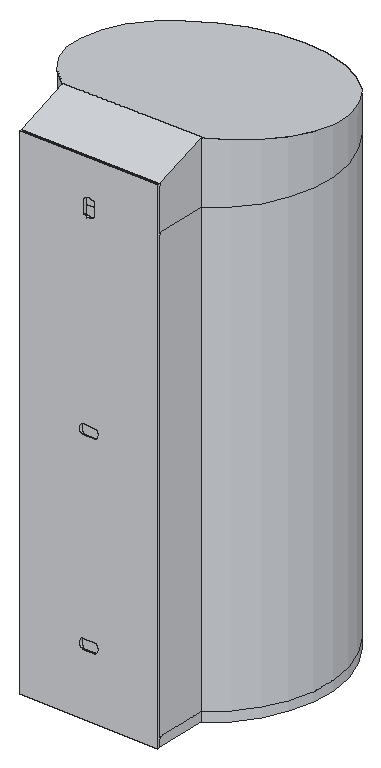
Revit family "AX9415_0012", category Appareils sanitaires, Revit 2016
Family settings
  Hôte = Mur
  Type d'élément = Normal
  Cote de connecteur circulaire = Utiliser le diamètre
  Numéro OmniClass = 23.75.00.00
  Titre OmniClass = Climate Control (HVAC)
  Toujours verticalement = Oui
  Couper avec des vides une fois chargée = Non
  Partagée = Non
  Point de calcul de pièce = Non
Parameters (values of type "Type 1")
  URL = "http://www.axeuro.com/fr/distributeurs-de-savon/25253-distributeur-de-savon-electronique-automatique-ax9415.html?search_query=AX9415&results=3"
  Modèle = "AX9415"  # constant formula
  Matériaux = "En inox 304 (18/10) Bactériostatique"  # constant formula
  Finition = "Brossé Poli Satiné HyperPolish"  # constant formula
  Fabricant = "Axeuro"  # constant formula
  Description = "Distributeur de savon électronique (automatique)"  # constant formula
Reference planes
  plane 1 "Mur": y = 0
  plane 2 "Centre (gauche/droite)": x = 0
  plane 3 "Arrière": y = 75
Forms (mm)
  Extrusion 1, solid
    sketch origin (0, -13.715, 4.034) x (1, 0, 0) y (0, 1, 0)
      loop
        arc (29.048, 111.164) -> (0, 201.86) -> (-29.048, 111.164) r 50
        line (-29.048, 111.164) -> (-29.048, 89.698) -> (29.048, 89.698) -> (29.048, 111.164)
    from 821.73 to 1011.233
  Extrusion 2, solid
    sketch origin (0, -14.195, 0) x (1, 0, 0) y (0, 1, 0)
      loop
        line (-29.048, 90.177) -> (-29.048, 89.195) -> (29.048, 89.195) -> (29.048, 90.177) -> (-29.048, 90.177)
    from 821.73 to 1033.736
  Extrusion 3, solid
    sketch origin (0, -13.715, -5.966) x (1, 0, 0) y (0, 1, 0)
      loop
        arc (29.048, 111.164) -> (0, 201.86) -> (-29.048, 111.164) r 50
        line (-29.048, 111.164) -> (-29.048, 89.698) -> (29.048, 89.698) -> (29.048, 111.164)
    from 827.696 to 831.73
  Extrusion 4, solid
    sketch origin (0, -13.715, 86.065) x (1, 0, 0) y (0, 1, 0)
      loop
        arc (29.048, 111.164) -> (0, 201.86) -> (-29.048, 111.164) r 50
        line (-29.048, 111.164) -> (-29.048, 89.698) -> (29.048, 89.698) -> (29.048, 111.164)
    from 929.202 to 955.665
  Extrusion 5, void
    sketch origin (0, -13.715, 2.031) x (0, 1, 0) y (0, 0, 1)
      loop
        line (87.116, 1030.778) -> (111.711, 1039.612) -> (202.973, 1025.232) -> (229.174, 1025.232) -> (229.174, 1057.181) -> (84.213, 1057.181) -> (84.213, 1031.899) -> (87.116, 1030.778)
    from -70.304 to 70.46
  Extrusion 6, void
    sketch origin (-100.536, 0, 48.176) x (1, 0, 0) y (0, 0, 1)
      loop
        arc (98.306, 963.891) -> (100.536, 962.784) -> (102.766, 963.891) r 2.8
        line (102.766, 963.891) -> (102.766, 969.578)
        arc (102.766, 969.578) -> (100.536, 970.684) -> (98.306, 969.578) r 2.8
        line (98.306, 969.578) -> (98.306, 963.891)
    from -75.982 to -75
  Extrusion 7, void
    sketch origin (-966.734, 0, 1031.266) x (0, 0, -1) y (1, 0, 0)
      loop
        arc (98.306, 963.891) -> (100.536, 962.784) -> (102.766, 963.891) r 2.8
        line (102.766, 963.891) -> (102.766, 969.578)
        arc (102.766, 969.578) -> (100.536, 970.684) -> (98.306, 969.578) r 2.8
        line (98.306, 969.578) -> (98.306, 963.891)
    from -75.982 to -75
  Extrusion 8, void
    sketch origin (-966.734, 0, 950.496) x (0, 0, -1) y (1, 0, 0)
      loop
        arc (98.306, 963.891) -> (100.536, 962.784) -> (102.766, 963.891) r 2.8
        line (102.766, 963.891) -> (102.766, 969.578)
        arc (102.766, 969.578) -> (100.536, 970.684) -> (98.306, 969.578) r 2.8
        line (98.306, 969.578) -> (98.306, 963.891)
    from -75.982 to -75
  Extrusion 9, void
    sketch origin (165.711, 83.921, -107.871) x (1, 0, 0) y (0, 0, 1)
      loop
        line (-160.211, 975.701) -> (-160.211, 1066.601)
        arc (-160.211, 1066.601) -> (-165.711, 1072.101) -> (-171.211, 1066.601) r 5.5
        line (-171.211, 1066.601) -> (-171.211, 975.701)
        arc (-171.211, 975.701) -> (-165.711, 970.201) -> (-160.211, 975.701) r 5.5
    from -104.502 to -102.942
  Extrusion 10, solid
    sketch origin (18.071, 83.69, 2.948) x (1, 0, 0) y (0, 0, 1)
      loop
        line (-14.121, 1009.287) -> (-22.021, 1009.287)
        arc (-22.021, 1009.287) -> (-24.071, 1007.237) -> (-22.021, 1005.187) r 2.05
        line (-22.021, 1005.187) -> (-14.121, 1005.187)
        arc (-14.121, 1005.187) -> (-12.071, 1007.237) -> (-14.121, 1009.287) r 2.05
    from -105.31 to -103.172
  Extrusion 11, solid
    sketch origin (0, 82.715, -1.648) x (1, 0, 0) y (0, 0, 1)
      loop
        circle (0, 869.707) r 4.3
      loop
        circle (0, 869.707) r 4.067
    from -105.412 to -104.474
  Extrusion 12, solid
    sketch origin (4.067, 82.715, -1.4) x (1, 0, 0) y (0, 0, 1)
      loop
        circle (-4.067, 869.458) r 3.359
      loop
        circle (-4.067, 869.458) r 3.134
    from -105.412 to -104.474
  Extrusion 13, solid
    sketch origin (3.134, 82.715, -1.4) x (1, 0, 0) y (0, 0, 1)
      loop
        circle (-3.134, 869.458) r 2.21
      loop
        circle (-3.134, 869.458) r 2.014
    from -105.412 to -104.474
Cuts and joins
  Extrusion 5, Extrusion 6 cuts Extrusion 4
  Extrusion 6, Extrusion 7, Extrusion 8 cuts Extrusion 2
  Extrusion 7, Extrusion 8, Extrusion 9 cuts Extrusion 1
Lines and regions (mm)
  reference lines
    curve 1: line (-32.646, 89.195, 0) -> (-32.646, 90.177, 0)
Text (mm)
  text "Côté de la mise en place" at (-1820.995, 1116.779, 0), in view "Niveau de réf."
  text "Côté de la mise en place" at (0, 1334.055, 2976.191), in view "Gauche"
  text "Côté de la mise en place" at (0, 439.194, 2944.362), in view "Droite"
Dimensions and locks
  locked: plane 3 "Arrière" to host wall
  aligned and locked: plane 1 "Mur" to host wall
